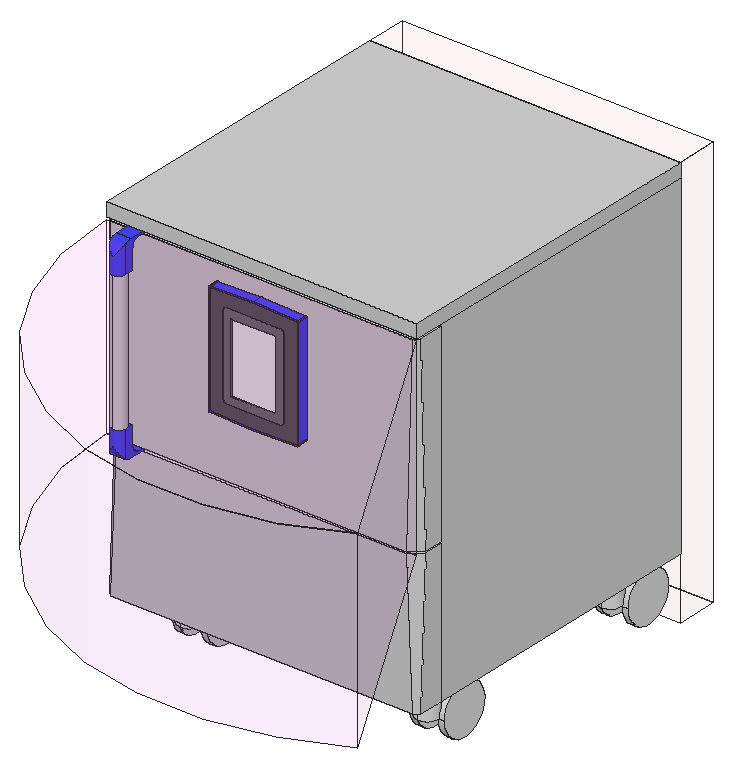
Revit family "Normann_Nortech_NAT5A-R290", category Attrezzature speciali, Revit 2021 (continued)
Definition of nested family "Griglia_Plus"
  Lines and regions (mm)
    model lines, detail levels medium+fine
      curve 1987: line (600.936, -250.699, 0) -> (614.849, -258.731, 0)
      curve 1988: line (600.936, -250.699, 0) -> (614.849, -242.666, 0)
      curve 1989: line (614.849, -242.666, 0) -> (614.849, -258.731, 0)
      curve 1990: line (632.781, -250.699, 0) -> (618.867, -258.731, 0)
      curve 1991: line (632.781, -250.699, 0) -> (618.867, -242.666, 0)
      curve 1992: line (618.867, -242.666, 0) -> (618.867, -258.731, 0)
      curve 1993: line (634.797, -270.438, 0) -> (620.884, -262.405, 0)
      curve 1994: line (634.797, -270.438, 0) -> (634.797, -254.373, 0)
      curve 1995: line (634.797, -254.373, 0) -> (620.884, -262.405, 0)
      curve 1996: line (598.953, -254.362, 0) -> (612.866, -262.395, 0)
      curve 1997: line (598.953, -254.362, 0) -> (598.953, -270.428, 0)
      curve 1998: line (598.953, -270.428, 0) -> (612.866, -262.395, 0)
      curve 1999: line (600.936, -133.703, 0) -> (614.849, -125.67, 0)
      curve 2000: line (600.936, -133.703, 0) -> (614.849, -141.736, 0)
      curve 2001: line (614.849, -141.736, 0) -> (614.849, -125.67, 0)
      curve 2002: line (632.781, -133.703, 0) -> (618.867, -125.67, 0)
      curve 2003: line (632.781, -133.703, 0) -> (618.867, -141.736, 0)
      curve 2004: line (618.867, -141.736, 0) -> (618.867, -125.67, 0)
      curve 2005: line (600.936, -110.699, 0) -> (614.849, -118.731, 0)
      curve 2006: line (600.936, -110.699, 0) -> (614.849, -102.666, 0)
      curve 2007: line (614.849, -102.666, 0) -> (614.849, -118.731, 0)
      curve 2008: line (632.781, -110.699, 0) -> (618.867, -118.731, 0)
      curve 2009: line (632.781, -110.699, 0) -> (618.867, -102.666, 0)
      curve 2010: line (618.867, -102.666, 0) -> (618.867, -118.731, 0)
      curve 2011: line (634.797, -130.438, 0) -> (620.884, -122.405, 0)
      curve 2012: line (634.797, -130.438, 0) -> (634.797, -114.373, 0)
      curve 2013: line (634.797, -114.373, 0) -> (620.884, -122.405, 0)
      curve 2014: line (598.953, -114.362, 0) -> (612.866, -122.395, 0)
      curve 2015: line (598.953, -114.362, 0) -> (598.953, -130.428, 0)
      curve 2016: line (598.953, -130.428, 0) -> (612.866, -122.395, 0)
      curve 2017: line (634.797, -136.968, 0) -> (620.884, -145, 0)
      curve 2018: line (634.797, -136.968, 0) -> (634.797, -153.033, 0)
      curve 2019: line (634.797, -153.033, 0) -> (620.884, -145, 0)
      curve 2020: line (598.953, -153.043, 0) -> (612.866, -145.011, 0)
      curve 2021: line (598.953, -153.043, 0) -> (598.953, -136.978, 0)
      curve 2022: line (598.953, -136.978, 0) -> (612.866, -145.011, 0)
      curve 2023: line (600.936, -89.941, 0) -> (614.849, -81.909, 0)
      curve 2024: line (600.936, -89.941, 0) -> (614.849, -97.974, 0)
      curve 2025: line (614.849, -97.974, 0) -> (614.849, -81.909, 0)
      curve 2026: line (632.781, -89.941, 0) -> (618.867, -81.909, 0)
      curve 2027: line (632.781, -89.941, 0) -> (618.867, -97.974, 0)
      curve 2028: line (618.867, -97.974, 0) -> (618.867, -81.909, 0)
      curve 2029: line (600.936, -66.937, 0) -> (614.849, -74.97, 0)
      curve 2030: line (600.936, -66.937, 0) -> (614.849, -58.904, 0)
      curve 2031: line (614.849, -58.904, 0) -> (614.849, -74.97, 0)
      curve 2032: line (632.781, -66.937, 0) -> (618.867, -74.97, 0)
      curve 2033: line (632.781, -66.937, 0) -> (618.867, -58.904, 0)
      curve 2034: line (618.867, -58.904, 0) -> (618.867, -74.97, 0)
      curve 2035: line (634.797, -86.677, 0) -> (620.884, -78.644, 0)
      curve 2036: line (634.797, -86.677, 0) -> (634.797, -70.611, 0)
      curve 2037: line (634.797, -70.611, 0) -> (620.884, -78.644, 0)
      curve 2038: line (598.953, -70.601, 0) -> (612.866, -78.633, 0)
      curve 2039: line (598.953, -70.601, 0) -> (598.953, -86.666, 0)
      curve 2040: line (598.953, -86.666, 0) -> (612.866, -78.633, 0)
      curve 2041: line (634.797, -93.206, 0) -> (620.884, -101.239, 0)
      curve 2042: line (634.797, -93.206, 0) -> (634.797, -109.272, 0)
      curve 2043: line (634.797, -109.272, 0) -> (620.884, -101.239, 0)
      curve 2044: line (598.953, -109.282, 0) -> (612.866, -101.249, 0)
      curve 2045: line (598.953, -109.282, 0) -> (598.953, -93.217, 0)
      curve 2046: line (598.953, -93.217, 0) -> (612.866, -101.249, 0)
      curve 2047: line (600.936, -43.691, 0) -> (614.849, -35.659, 0)
      curve 2048: line (600.936, -43.691, 0) -> (614.849, -51.724, 0)
      curve 2049: line (614.849, -51.724, 0) -> (614.849, -35.659, 0)
      curve 2050: line (632.781, -43.691, 0) -> (618.867, -35.659, 0)
      curve 2051: line (632.781, -43.691, 0) -> (618.867, -51.724, 0)
      curve 2052: line (618.867, -51.724, 0) -> (618.867, -35.659, 0)
      curve 2053: line (600.936, -20.687, 0) -> (614.849, -28.72, 0)
      curve 2054: line (600.936, -20.687, 0) -> (614.849, -12.654, 0)
      curve 2055: line (614.849, -12.654, 0) -> (614.849, -28.72, 0)
      curve 2056: line (632.781, -20.687, 0) -> (618.867, -28.72, 0)
      curve 2057: line (632.781, -20.687, 0) -> (618.867, -12.654, 0)
      curve 2058: line (618.867, -12.654, 0) -> (618.867, -28.72, 0)
      curve 2059: line (634.797, -40.427, 0) -> (620.884, -32.394, 0)
      curve 2060: line (634.797, -40.427, 0) -> (634.797, -24.361, 0)
      curve 2061: line (634.797, -24.361, 0) -> (620.884, -32.394, 0)
      curve 2062: line (598.953, -24.351, 0) -> (612.866, -32.383, 0)
      curve 2063: line (598.953, -24.351, 0) -> (598.953, -40.416, 0)
      curve 2064: line (598.953, -40.416, 0) -> (612.866, -32.383, 0)
      curve 2065: line (634.797, -46.956, 0) -> (620.884, -54.989, 0)
      curve 2066: line (634.797, -46.956, 0) -> (634.797, -63.022, 0)
      curve 2067: line (634.797, -63.022, 0) -> (620.884, -54.989, 0)
      curve 2068: line (598.953, -63.032, 0) -> (612.866, -54.999, 0)
      curve 2069: line (598.953, -63.032, 0) -> (598.953, -46.967, 0)
      curve 2070: line (598.953, -46.967, 0) -> (612.866, -54.999, 0)
      curve 2071: line (640.936, -180.917, 0) -> (654.849, -172.885, 0)
      curve 2072: line (640.936, -180.917, 0) -> (654.849, -188.95, 0)
      curve 2073: line (654.849, -188.95, 0) -> (654.849, -172.885, 0)
      curve 2074: line (672.781, -180.917, 0) -> (658.867, -172.885, 0)
      curve 2075: line (672.781, -180.917, 0) -> (658.867, -188.95, 0)
      curve 2076: line (658.867, -188.95, 0) -> (658.867, -172.885, 0)
      curve 2077: line (640.936, -157.913, 0) -> (654.849, -165.946, 0)
      curve 2078: line (640.936, -157.913, 0) -> (654.849, -149.88, 0)
      curve 2079: line (654.849, -149.88, 0) -> (654.849, -165.946, 0)
      curve 2080: line (672.781, -157.913, 0) -> (658.867, -165.946, 0)
      curve 2081: line (672.781, -157.913, 0) -> (658.867, -149.88, 0)
      curve 2082: line (658.867, -149.88, 0) -> (658.867, -165.946, 0)
      curve 2083: line (674.797, -177.653, 0) -> (660.884, -169.62, 0)
      curve 2084: line (674.797, -177.653, 0) -> (674.797, -161.587, 0)
      curve 2085: line (674.797, -161.587, 0) -> (660.884, -169.62, 0)
      curve 2086: line (638.953, -161.577, 0) -> (652.866, -169.609, 0)
      curve 2087: line (638.953, -161.577, 0) -> (638.953, -177.642, 0)
      curve 2088: line (638.953, -177.642, 0) -> (652.866, -169.609, 0)
      curve 2089: line (674.797, -184.182, 0) -> (660.884, -192.215, 0)
      curve 2090: line (674.797, -184.182, 0) -> (674.797, -200.248, 0)
      curve 2091: line (674.797, -200.248, 0) -> (660.884, -192.215, 0)
      curve 2092: line (638.953, -200.258, 0) -> (652.866, -192.225, 0)
      curve 2093: line (638.953, -200.258, 0) -> (638.953, -184.192, 0)
      curve 2094: line (638.953, -184.192, 0) -> (652.866, -192.225, 0)
      curve 2095: line (640.936, -227.884, 0) -> (654.849, -219.851, 0)
      curve 2096: line (640.936, -227.884, 0) -> (654.849, -235.917, 0)
      curve 2097: line (654.849, -235.917, 0) -> (654.849, -219.851, 0)
      curve 2098: line (672.781, -227.884, 0) -> (658.867, -219.851, 0)
      curve 2099: line (672.781, -227.884, 0) -> (658.867, -235.917, 0)
      curve 2100: line (658.867, -235.917, 0) -> (658.867, -219.851, 0)
      curve 2101: line (640.936, -204.88, 0) -> (654.849, -212.912, 0)
      curve 2102: line (640.936, -204.88, 0) -> (654.849, -196.847, 0)
      curve 2103: line (654.849, -196.847, 0) -> (654.849, -212.912, 0)
      curve 2104: line (672.781, -204.88, 0) -> (658.867, -212.912, 0)
      curve 2105: line (672.781, -204.88, 0) -> (658.867, -196.847, 0)
      curve 2106: line (658.867, -196.847, 0) -> (658.867, -212.912, 0)
      curve 2107: line (674.797, -224.619, 0) -> (660.884, -216.587, 0)
      curve 2108: line (674.797, -224.619, 0) -> (674.797, -208.554, 0)
      curve 2109: line (674.797, -208.554, 0) -> (660.884, -216.587, 0)
      curve 2110: line (638.953, -208.543, 0) -> (652.866, -216.576, 0)
      curve 2111: line (638.953, -208.543, 0) -> (638.953, -224.609, 0)
      curve 2112: line (638.953, -224.609, 0) -> (652.866, -216.576, 0)
      curve 2113: line (674.797, -231.149, 0) -> (660.884, -239.181, 0)
      curve 2114: line (674.797, -231.149, 0) -> (674.797, -247.214, 0)
      curve 2115: line (674.797, -247.214, 0) -> (660.884, -239.181, 0)
      curve 2116: line (638.953, -247.225, 0) -> (652.866, -239.192, 0)
      curve 2117: line (638.953, -247.225, 0) -> (638.953, -231.159, 0)
      curve 2118: line (638.953, -231.159, 0) -> (652.866, -239.192, 0)
      curve 2119: line (640.936, -273.703, 0) -> (654.849, -265.67, 0)
      curve 2120: line (640.936, -273.703, 0) -> (654.849, -281.736, 0)
      curve 2121: line (654.849, -281.736, 0) -> (654.849, -265.67, 0)
      curve 2122: line (672.781, -273.703, 0) -> (658.867, -265.67, 0)
      curve 2123: line (672.781, -273.703, 0) -> (658.867, -281.736, 0)
      curve 2124: line (658.867, -281.736, 0) -> (658.867, -265.67, 0)
      curve 2125: line (640.936, -250.699, 0) -> (654.849, -258.731, 0)
      curve 2126: line (640.936, -250.699, 0) -> (654.849, -242.666, 0)
      curve 2127: line (654.849, -242.666, 0) -> (654.849, -258.731, 0)
      curve 2128: line (672.781, -250.699, 0) -> (658.867, -258.731, 0)
      curve 2129: line (672.781, -250.699, 0) -> (658.867, -242.666, 0)
      curve 2130: line (658.867, -242.666, 0) -> (658.867, -258.731, 0)
      curve 2131: line (674.797, -270.438, 0) -> (660.884, -262.405, 0)
      curve 2132: line (674.797, -270.438, 0) -> (674.797, -254.373, 0)
      curve 2133: line (674.797, -254.373, 0) -> (660.884, -262.405, 0)
      curve 2134: line (638.953, -254.362, 0) -> (652.866, -262.395, 0)
      curve 2135: line (638.953, -254.362, 0) -> (638.953, -270.428, 0)
      curve 2136: line (638.953, -270.428, 0) -> (652.866, -262.395, 0)
      curve 2137: line (640.936, -133.703, 0) -> (654.849, -125.67, 0)
      curve 2138: line (640.936, -133.703, 0) -> (654.849, -141.736, 0)
      curve 2139: line (654.849, -141.736, 0) -> (654.849, -125.67, 0)
      curve 2140: line (672.781, -133.703, 0) -> (658.867, -125.67, 0)
      curve 2141: line (672.781, -133.703, 0) -> (658.867, -141.736, 0)
      curve 2142: line (658.867, -141.736, 0) -> (658.867, -125.67, 0)
      curve 2143: line (640.936, -110.699, 0) -> (654.849, -118.731, 0)
      curve 2144: line (640.936, -110.699, 0) -> (654.849, -102.666, 0)
      curve 2145: line (654.849, -102.666, 0) -> (654.849, -118.731, 0)
      curve 2146: line (672.781, -110.699, 0) -> (658.867, -118.731, 0)
      curve 2147: line (672.781, -110.699, 0) -> (658.867, -102.666, 0)
      curve 2148: line (658.867, -102.666, 0) -> (658.867, -118.731, 0)
      curve 2149: line (674.797, -130.438, 0) -> (660.884, -122.405, 0)
      curve 2150: line (674.797, -130.438, 0) -> (674.797, -114.373, 0)
      curve 2151: line (674.797, -114.373, 0) -> (660.884, -122.405, 0)
      curve 2152: line (638.953, -114.362, 0) -> (652.866, -122.395, 0)
      curve 2153: line (638.953, -114.362, 0) -> (638.953, -130.428, 0)
      curve 2154: line (638.953, -130.428, 0) -> (652.866, -122.395, 0)
      curve 2155: line (674.797, -136.968, 0) -> (660.884, -145, 0)
      curve 2156: line (674.797, -136.968, 0) -> (674.797, -153.033, 0)
      curve 2157: line (674.797, -153.033, 0) -> (660.884, -145, 0)
      curve 2158: line (638.953, -153.043, 0) -> (652.866, -145.011, 0)
      curve 2159: line (638.953, -153.043, 0) -> (638.953, -136.978, 0)
      curve 2160: line (638.953, -136.978, 0) -> (652.866, -145.011, 0)
      curve 2161: line (640.936, -89.941, 0) -> (654.849, -81.909, 0)
      curve 2162: line (640.936, -89.941, 0) -> (654.849, -97.974, 0)
      curve 2163: line (654.849, -97.974, 0) -> (654.849, -81.909, 0)
      curve 2164: line (672.781, -89.941, 0) -> (658.867, -81.909, 0)
      curve 2165: line (672.781, -89.941, 0) -> (658.867, -97.974, 0)
      curve 2166: line (658.867, -97.974, 0) -> (658.867, -81.909, 0)
      curve 2167: line (640.936, -66.937, 0) -> (654.849, -74.97, 0)
      curve 2168: line (640.936, -66.937, 0) -> (654.849, -58.904, 0)
      curve 2169: line (654.849, -58.904, 0) -> (654.849, -74.97, 0)
      curve 2170: line (672.781, -66.937, 0) -> (658.867, -74.97, 0)
      curve 2171: line (672.781, -66.937, 0) -> (658.867, -58.904, 0)
      curve 2172: line (658.867, -58.904, 0) -> (658.867, -74.97, 0)
      curve 2173: line (674.797, -86.677, 0) -> (660.884, -78.644, 0)
      curve 2174: line (674.797, -86.677, 0) -> (674.797, -70.611, 0)
      curve 2175: line (674.797, -70.611, 0) -> (660.884, -78.644, 0)
      curve 2176: line (638.953, -70.601, 0) -> (652.866, -78.633, 0)
      curve 2177: line (638.953, -70.601, 0) -> (638.953, -86.666, 0)
      curve 2178: line (638.953, -86.666, 0) -> (652.866, -78.633, 0)
      curve 2179: line (674.797, -93.206, 0) -> (660.884, -101.239, 0)
      curve 2180: line (674.797, -93.206, 0) -> (674.797, -109.272, 0)
      curve 2181: line (674.797, -109.272, 0) -> (660.884, -101.239, 0)
      curve 2182: line (638.953, -109.282, 0) -> (652.866, -101.249, 0)
      curve 2183: line (638.953, -109.282, 0) -> (638.953, -93.217, 0)
      curve 2184: line (638.953, -93.217, 0) -> (652.866, -101.249, 0)
      curve 2185: line (640.936, -43.691, 0) -> (654.849, -35.659, 0)
      curve 2186: line (640.936, -43.691, 0) -> (654.849, -51.724, 0)
      curve 2187: line (654.849, -51.724, 0) -> (654.849, -35.659, 0)
      curve 2188: line (672.781, -43.691, 0) -> (658.867, -35.659, 0)
      curve 2189: line (672.781, -43.691, 0) -> (658.867, -51.724, 0)
      curve 2190: line (658.867, -51.724, 0) -> (658.867, -35.659, 0)
      curve 2191: line (640.936, -20.687, 0) -> (654.849, -28.72, 0)
      curve 2192: line (640.936, -20.687, 0) -> (654.849, -12.654, 0)
      curve 2193: line (654.849, -12.654, 0) -> (654.849, -28.72, 0)
      curve 2194: line (672.781, -20.687, 0) -> (658.867, -28.72, 0)
      curve 2195: line (672.781, -20.687, 0) -> (658.867, -12.654, 0)
      curve 2196: line (658.867, -12.654, 0) -> (658.867, -28.72, 0)
      curve 2197: line (674.797, -40.427, 0) -> (660.884, -32.394, 0)
      curve 2198: line (674.797, -40.427, 0) -> (674.797, -24.361, 0)
      curve 2199: line (674.797, -24.361, 0) -> (660.884, -32.394, 0)
      curve 2200: line (638.953, -24.351, 0) -> (652.866, -32.383, 0)
      curve 2201: line (638.953, -24.351, 0) -> (638.953, -40.416, 0)
      curve 2202: line (638.953, -40.416, 0) -> (652.866, -32.383, 0)
      curve 2203: line (674.797, -46.956, 0) -> (660.884, -54.989, 0)
      curve 2204: line (674.797, -46.956, 0) -> (674.797, -63.022, 0)
      curve 2205: line (674.797, -63.022, 0) -> (660.884, -54.989, 0)
      curve 2206: line (638.953, -63.032, 0) -> (652.866, -54.999, 0)
      curve 2207: line (638.953, -63.032, 0) -> (638.953, -46.967, 0)
      curve 2208: line (638.953, -46.967, 0) -> (652.866, -54.999, 0)
      curve 2209: line (680.936, -180.917, 0) -> (694.849, -172.885, 0)
      curve 2210: line (680.936, -180.917, 0) -> (694.849, -188.95, 0)
      curve 2211: line (694.849, -188.95, 0) -> (694.849, -172.885, 0)
      curve 2212: line (712.781, -180.917, 0) -> (698.867, -172.885, 0)
      curve 2213: line (712.781, -180.917, 0) -> (698.867, -188.95, 0)
      curve 2214: line (698.867, -188.95, 0) -> (698.867, -172.885, 0)
      curve 2215: line (680.936, -157.913, 0) -> (694.849, -165.946, 0)
      curve 2216: line (680.936, -157.913, 0) -> (694.849, -149.88, 0)
      curve 2217: line (694.849, -149.88, 0) -> (694.849, -165.946, 0)
      curve 2218: line (712.781, -157.913, 0) -> (698.867, -165.946, 0)
      curve 2219: line (712.781, -157.913, 0) -> (698.867, -149.88, 0)
      curve 2220: line (698.867, -149.88, 0) -> (698.867, -165.946, 0)
      curve 2221: line (714.797, -177.653, 0) -> (700.884, -169.62, 0)
      curve 2222: line (714.797, -177.653, 0) -> (714.797, -161.587, 0)
      curve 2223: line (714.797, -161.587, 0) -> (700.884, -169.62, 0)
      curve 2224: line (678.953, -161.577, 0) -> (692.866, -169.609, 0)
      curve 2225: line (678.953, -161.577, 0) -> (678.953, -177.642, 0)
      curve 2226: line (678.953, -177.642, 0) -> (692.866, -169.609, 0)
      curve 2227: line (714.797, -184.182, 0) -> (700.884, -192.215, 0)
      curve 2228: line (714.797, -184.182, 0) -> (714.797, -200.248, 0)
      curve 2229: line (714.797, -200.248, 0) -> (700.884, -192.215, 0)
      curve 2230: line (678.953, -200.258, 0) -> (692.866, -192.225, 0)
      curve 2231: line (678.953, -200.258, 0) -> (678.953, -184.192, 0)
      curve 2232: line (678.953, -184.192, 0) -> (692.866, -192.225, 0)
      curve 2233: line (680.936, -227.884, 0) -> (694.849, -219.851, 0)
      curve 2234: line (680.936, -227.884, 0) -> (694.849, -235.917, 0)
      curve 2235: line (694.849, -235.917, 0) -> (694.849, -219.851, 0)
      curve 2236: line (712.781, -227.884, 0) -> (698.867, -219.851, 0)
      curve 2237: line (712.781, -227.884, 0) -> (698.867, -235.917, 0)
      curve 2238: line (698.867, -235.917, 0) -> (698.867, -219.851, 0)
      curve 2239: line (680.936, -204.88, 0) -> (694.849, -212.912, 0)
      curve 2240: line (680.936, -204.88, 0) -> (694.849, -196.847, 0)
      curve 2241: line (694.849, -196.847, 0) -> (694.849, -212.912, 0)
      curve 2242: line (712.781, -204.88, 0) -> (698.867, -212.912, 0)
      curve 2243: line (712.781, -204.88, 0) -> (698.867, -196.847, 0)
      curve 2244: line (698.867, -196.847, 0) -> (698.867, -212.912, 0)
      curve 2245: line (714.797, -224.619, 0) -> (700.884, -216.587, 0)
      curve 2246: line (714.797, -224.619, 0) -> (714.797, -208.554, 0)
      curve 2247: line (714.797, -208.554, 0) -> (700.884, -216.587, 0)
      curve 2248: line (678.953, -208.543, 0) -> (692.866, -216.576, 0)
      curve 2249: line (678.953, -208.543, 0) -> (678.953, -224.609, 0)
      curve 2250: line (678.953, -224.609, 0) -> (692.866, -216.576, 0)
      curve 2251: line (714.797, -231.149, 0) -> (700.884, -239.181, 0)
      curve 2252: line (714.797, -231.149, 0) -> (714.797, -247.214, 0)
      curve 2253: line (714.797, -247.214, 0) -> (700.884, -239.181, 0)
      curve 2254: line (678.953, -247.225, 0) -> (692.866, -239.192, 0)
      curve 2255: line (678.953, -247.225, 0) -> (678.953, -231.159, 0)
      curve 2256: line (678.953, -231.159, 0) -> (692.866, -239.192, 0)
      curve 2257: line (680.936, -273.703, 0) -> (694.849, -265.67, 0)
      curve 2258: line (680.936, -273.703, 0) -> (694.849, -281.736, 0)
      curve 2259: line (694.849, -281.736, 0) -> (694.849, -265.67, 0)
      curve 2260: line (712.781, -273.703, 0) -> (698.867, -265.67, 0)
      curve 2261: line (712.781, -273.703, 0) -> (698.867, -281.736, 0)
      curve 2262: line (698.867, -281.736, 0) -> (698.867, -265.67, 0)
      curve 2263: line (680.936, -250.699, 0) -> (694.849, -258.731, 0)
      curve 2264: line (680.936, -250.699, 0) -> (694.849, -242.666, 0)
      curve 2265: line (694.849, -242.666, 0) -> (694.849, -258.731, 0)
      curve 2266: line (712.781, -250.699, 0) -> (698.867, -258.731, 0)
      curve 2267: line (712.781, -250.699, 0) -> (698.867, -242.666, 0)
      curve 2268: line (698.867, -242.666, 0) -> (698.867, -258.731, 0)
      curve 2269: line (714.797, -270.438, 0) -> (700.884, -262.405, 0)
      curve 2270: line (714.797, -270.438, 0) -> (714.797, -254.373, 0)
      curve 2271: line (714.797, -254.373, 0) -> (700.884, -262.405, 0)
      curve 2272: line (678.953, -254.362, 0) -> (692.866, -262.395, 0)
      curve 2273: line (678.953, -254.362, 0) -> (678.953, -270.428, 0)
      curve 2274: line (678.953, -270.428, 0) -> (692.866, -262.395, 0)
      curve 2275: line (680.936, -133.703, 0) -> (694.849, -125.67, 0)
      curve 2276: line (680.936, -133.703, 0) -> (694.849, -141.736, 0)
      curve 2277: line (694.849, -141.736, 0) -> (694.849, -125.67, 0)
      curve 2278: line (712.781, -133.703, 0) -> (698.867, -125.67, 0)
      curve 2279: line (712.781, -133.703, 0) -> (698.867, -141.736, 0)
      curve 2280: line (698.867, -141.736, 0) -> (698.867, -125.67, 0)
      curve 2281: line (680.936, -110.699, 0) -> (694.849, -118.731, 0)
      curve 2282: line (680.936, -110.699, 0) -> (694.849, -102.666, 0)
      curve 2283: line (694.849, -102.666, 0) -> (694.849, -118.731, 0)
      curve 2284: line (712.781, -110.699, 0) -> (698.867, -118.731, 0)
      curve 2285: line (712.781, -110.699, 0) -> (698.867, -102.666, 0)
      curve 2286: line (698.867, -102.666, 0) -> (698.867, -118.731, 0)
      curve 2287: line (714.797, -130.438, 0) -> (700.884, -122.405, 0)
      curve 2288: line (714.797, -130.438, 0) -> (714.797, -114.373, 0)
      curve 2289: line (714.797, -114.373, 0) -> (700.884, -122.405, 0)
      curve 2290: line (678.953, -114.362, 0) -> (692.866, -122.395, 0)
      curve 2291: line (678.953, -114.362, 0) -> (678.953, -130.428, 0)
      curve 2292: line (678.953, -130.428, 0) -> (692.866, -122.395, 0)
      curve 2293: line (714.797, -136.968, 0) -> (700.884, -145, 0)
      curve 2294: line (714.797, -136.968, 0) -> (714.797, -153.033, 0)
      curve 2295: line (714.797, -153.033, 0) -> (700.884, -145, 0)
      curve 2296: line (678.953, -153.043, 0) -> (692.866, -145.011, 0)
      curve 2297: line (678.953, -153.043, 0) -> (678.953, -136.978, 0)
      curve 2298: line (678.953, -136.978, 0) -> (692.866, -145.011, 0)
      curve 2299: line (680.936, -89.941, 0) -> (694.849, -81.909, 0)
      curve 2300: line (680.936, -89.941, 0) -> (694.849, -97.974, 0)
      curve 2301: line (694.849, -97.974, 0) -> (694.849, -81.909, 0)
      curve 2302: line (712.781, -89.941, 0) -> (698.867, -81.909, 0)
      curve 2303: line (712.781, -89.941, 0) -> (698.867, -97.974, 0)
      curve 2304: line (698.867, -97.974, 0) -> (698.867, -81.909, 0)
      curve 2305: line (680.936, -66.937, 0) -> (694.849, -74.97, 0)
      curve 2306: line (680.936, -66.937, 0) -> (694.849, -58.904, 0)
      curve 2307: line (694.849, -58.904, 0) -> (694.849, -74.97, 0)
      curve 2308: line (712.781, -66.937, 0) -> (698.867, -74.97, 0)
      curve 2309: line (712.781, -66.937, 0) -> (698.867, -58.904, 0)
      curve 2310: line (698.867, -58.904, 0) -> (698.867, -74.97, 0)
      curve 2311: line (714.797, -86.677, 0) -> (700.884, -78.644, 0)
      curve 2312: line (714.797, -86.677, 0) -> (714.797, -70.611, 0)
      curve 2313: line (714.797, -70.611, 0) -> (700.884, -78.644, 0)
      curve 2314: line (678.953, -70.601, 0) -> (692.866, -78.633, 0)
      curve 2315: line (678.953, -70.601, 0) -> (678.953, -86.666, 0)
      curve 2316: line (678.953, -86.666, 0) -> (692.866, -78.633, 0)
      curve 2317: line (714.797, -93.206, 0) -> (700.884, -101.239, 0)
      curve 2318: line (714.797, -93.206, 0) -> (714.797, -109.272, 0)
      curve 2319: line (714.797, -109.272, 0) -> (700.884, -101.239, 0)
      curve 2320: line (678.953, -109.282, 0) -> (692.866, -101.249, 0)
      curve 2321: line (678.953, -109.282, 0) -> (678.953, -93.217, 0)
      curve 2322: line (678.953, -93.217, 0) -> (692.866, -101.249, 0)
      curve 2323: line (680.936, -43.691, 0) -> (694.849, -35.659, 0)
      curve 2324: line (680.936, -43.691, 0) -> (694.849, -51.724, 0)
      curve 2325: line (694.849, -51.724, 0) -> (694.849, -35.659, 0)
      curve 2326: line (712.781, -43.691, 0) -> (698.867, -35.659, 0)
      curve 2327: line (712.781, -43.691, 0) -> (698.867, -51.724, 0)
      curve 2328: line (698.867, -51.724, 0) -> (698.867, -35.659, 0)
      curve 2329: line (680.936, -20.687, 0) -> (694.849, -28.72, 0)
      curve 2330: line (680.936, -20.687, 0) -> (694.849, -12.654, 0)
      curve 2331: line (694.849, -12.654, 0) -> (694.849, -28.72, 0)
      curve 2332: line (712.781, -20.687, 0) -> (698.867, -28.72, 0)
      curve 2333: line (712.781, -20.687, 0) -> (698.867, -12.654, 0)
      curve 2334: line (698.867, -12.654, 0) -> (698.867, -28.72, 0)
      curve 2335: line (714.797, -40.427, 0) -> (700.884, -32.394, 0)
      curve 2336: line (714.797, -40.427, 0) -> (714.797, -24.361, 0)
      curve 2337: line (714.797, -24.361, 0) -> (700.884, -32.394, 0)
      curve 2338: line (678.953, -24.351, 0) -> (692.866, -32.383, 0)
      curve 2339: line (678.953, -24.351, 0) -> (678.953, -40.416, 0)
      curve 2340: line (678.953, -40.416, 0) -> (692.866, -32.383, 0)
      curve 2341: line (714.797, -46.956, 0) -> (700.884, -54.989, 0)
      curve 2342: line (714.797, -46.956, 0) -> (714.797, -63.022, 0)
      curve 2343: line (714.797, -63.022, 0) -> (700.884, -54.989, 0)
      curve 2344: line (678.953, -63.032, 0) -> (692.866, -54.999, 0)
      curve 2345: line (678.953, -63.032, 0) -> (678.953, -46.967, 0)
      curve 2346: line (678.953, -46.967, 0) -> (692.866, -54.999, 0)
  Dimensions and locks
    aligned and locked: plane 2 to Extrusion 1
    aligned and locked: level to Extrusion 1
Types (9, lengths in mm): name | Wheel_Feet | Wheel | Optional | ID | Height_Feet_Actual | Height Actual | Feet
  (no name) | yes | yes | "Multi food probe" | "5A1C2D3B1-05C2C" | 150 | 998 | no
  NAT5 AIR, R290, 220-240/1N/50, TFT, LHH, FEET, MULTI POINT FOOD PROBE | no | no | "Multi point food probe" | "5A1C2D3B1-05B1B" | 117.1 | 970 | yes
  NAT5 AIR, R290, 220-240/1N/50, TFT, LHH, WHEELS, MULTI POINT FOOD PROBE | yes | yes | "Multi point food probe" | "5A1C2D3B1-05B1C" | 150 | 998 | no
  NAT5 AIR, R290, 220-240/1N/50, TFT, RHH, FEET, MULTI POINT FOOD PROBE | no | no | "Multi point food probe" | "5A1C2D3B1-05B2B" | 117.1 | 970 | yes
  NAT5 AIR, R290, 220-240/1N/50, TFT, RHH, WHEELS, MULTI POINT FOOD PROBE | yes | yes | "Multi point food probe" | "5A1C2D3B1-05B2C" | 150 | 998 | no
  NAT5 AIR, R290, 220-240/1N/50, TFT, LHH, FEET, MULTI FOOD PROBE | no | no | "Multi food probe" | "5A1C2D3B1-05C1B" | 117.1 | 970 | yes
  NAT5 AIR, R290, 220-240/1N/50, TFT, LHH, WHEELS, MULTI FOOD PROBE | yes | yes | "Multi food probe" | "5A1C2D3B1-05C1C" | 150 | 998 | no
  NAT5 AIR, R290, 220-240/1N/50, TFT, RHH, FEET, MULTI FOOD PROBE | no | no | "Multi food probe" | "5A1C2D3B1-05C2B" | 117.1 | 970 | yes
  NAT5 AIR, R290, 220-240/1N/50, TFT, RHH, WHEELS, MULTI FOOD PROBE | yes | yes | "Multi food probe" | "5A1C2D3B1-05C2C" | 150 | 998 | no
